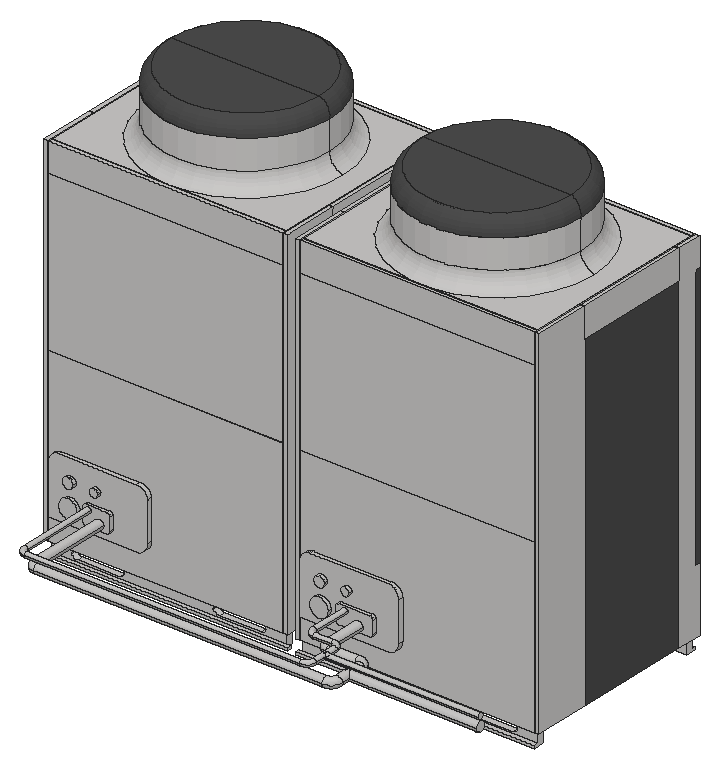
Revit family
Parameters (values of type "PURY-P144TSHMU-A")
  Outdoor Unit-1 Width = 36 1/4"
  Unit Weight (LBS) = "2x519"
  Refrigerant Pipe Diameter (Liquid) = "7/8\""
  Refrigerant Pipe Diameter (Gas) = "1-1/8\""
  Protection Devices Inverter = "Overheat / Overcurrent Protection"
  Protection Devices High Pressure Protection = "4.15 MPa / 601 psi"
  Protection Devices Fan = "Overheat Protection / Thermal Switch"
  Protection Devices Compressor = "Overheat Protection / Thermal Switch"
  Pressure Drop FT (Water Source Only) = ""
  URL = ""
  Type Comments = "2xPURY-P72THMU-A"
  Subcategory = "HVAC"  # constant formula
  Specification URL = "http://www.mrslim.com/customerCare/resources.asp"
  Sound Pressure Levels (dB(A)) = "61"
  SmartBIM Object Version = 3  # constant formula
  SmartBIM Object Created By = "Reed Construction Data"  # constant formula
  Refrigerant Type = "R410A"  # constant formula
  Refrigerant Charge = "2x23lbs 2oz"
  Refrigerant Service Valve (Liquid) Radius = 7/8"
  Refrigerant Service Valve (Gas) Radius = 12 1/8"
  Outdoor Unit-2 Width = 36 1/4"
  Outdoor Unit-1 = HVAC_Outdoor_Units_72-120_PURY_Mitsubishi : PURY-P72THMU-A
  Nominal GPM (Water Source Only) = ""
  Manufacturer URL = "http://www.mrslim.com/customerCare/resources.asp"
  Lubriacant = "MEL32"
  Installation URL = "http://www.mrslim.com/customerCare/resources.asp"
  Indoor Unit Total Capacity = "50% to 150% of Outdoor Unit Capacity"
  Indoor Unit Model/Quantity = "P06 ~ P96 / 1 to 36"
  Heating Range = "80,000 Btu/h"
  Heating Power Input = "12.44 kW"
  Heating Outdoor = "-4° ~ +60°F (-20° ~ +16°C) WB"
  Heating Current = "38.3 / 34.6 A"
  Heating Capacity (BTU) = "160000"
  Outdoor Unit-2 = HVAC_Outdoor_Units_72-120_PURY_Mitsubishi : PURY-P72THMU-A
  Fan Type x Quantity = "Propeller Fan x 1"
  Fan Motor Output = "0.92KW"
  Fan Air Flow Rate = "6,550 CFM"
  External Material = Pre-coated Galvanized-steel Sheets
  Description = "T/YHMU Outdoor Units"
  Cooling Range = "72,000 Btu/h"
  Cooling Power Input = "11.32 kW"
  Cooling Outdoor = "23°F ~ 109°F (-5 ~ +43°C) DB"
  Cooling Current = "34.9 / 31.5 A"
  Cooling Capacity (BTU) = "144000"
  Power Source = "208/230, 3, 60"
  Model = "PURY-P144TSHMU-A"
  Manufacturer = "Mitsubishi Electric"  # constant formula
  Left Air Inlet Width = 17 163/256"
  Left Air Inlet Height = 49 47/256"
  Height = 64 31/32"
  MCA = "2x23/21"
  MOCP = "2x30/30"
  External Finish = Pre-coated Galvanized-steel Sheets
  Depth = 29 15/16"
  Default Elevation = 48"
  Compressor Type = "Inverter scroll hermetic"
  Compressor Operating Range = "10% to 100%"
  Compressor Motor Output = "4.4 kW"
  Compressor Crankcase Heater = "0.051 kW"
  Assembly Code = "D3050200"
  Air Outlet Unit Material = Metal Grille
  Air Inlet Unit Material = Grille
  Air Inlet Radius = 10 53/64"
  Air Inlet Height = 23 159/256"
  Back Air Inlet Height = 39 95/256"
  95 CSI = "15670"
  04 CSI = "23 81 26"
Types (10): name | Outdoor Unit-1 Width | Unit Weight (LBS) | Type Comments | Sound Pressure Levels (dB(A)) | Refrigerant Charge | Outdoor Unit-2 Width | Outdoor Unit-1 | Heating Power Input | Heating Current | Heating Capacity (BTU) | Outdoor Unit-2 | Cooling Power Input | Cooling Current | Cooling Capacity (BTU) | Power Source | Model | MCA | MOCP | Compressor Motor Output | Compressor Crankcase Heater
  PURY-P144TSHMU-A | 36 1/4" | "2x519" | "2xPURY-P72THMU-A" | "61" | "2x23lbs 2oz" | 36 1/4" | HVAC_Outdoor_Units_72-120_PURY_Mitsubishi : PURY-P72THMU-A | "12.44 kW" | "38.3 / 34.6 A" | "160000" | HVAC_Outdoor_Units_72-120_PURY_Mitsubishi : PURY-P72THMU-A | "11.32 kW" | "34.9 / 31.5 A" | "144000" | "208/230, 3, 60" | "PURY-P144TSHMU-A" | "2x23/21" | "2x30/30" | "4.4 kW" | "0.051 kW"
  PURY-P144YSHMU-A | 36 1/4" | "2x552" | "2xPURY-P72YHMU-A" | "61" | "2x23lbs 2oz" | 36 1/4" | HVAC_Outdoor_Units_72-120_PURY_Mitsubishi : PURY-P72YHMU-A | "12.44 kW" | "17.3 A" | "160000" | HVAC_Outdoor_Units_72-120_PURY_Mitsubishi : PURY-P72YHMU-A | "11.32 kW" | "15.7 A" | "144000" | "460, 3, 60" | "PURY-P144YSHMU-A" | "2x11" | "2x15" | "4.4 kW" | "0.051 kW"
  PURY-P168TSHMU-A | 48 1/16" | "1x519,1x585" | "1xPURY-P72THMU-A,1xPURY-P96THMU-A" | "61" | "2x23lbs 2oz" | 36 1/4" | HVAC_Outdoor_Units_72-120_PURY_Mitsubishi : PURY-P72THMU-A | "12.44 kW" | "38.3 / 34.6 A" | "188000" | HVAC_Outdoor_Units_72-120_PURY_Mitsubishi : PURY-P96THMU-A | "11.32 kW" | "34.9 / 31.5 A" | "168000" | "208/230, 3, 60" | "PURY-P168TSHMU-A" | "1x23/21,1x35/32" | "1x30/30,1x40/40" | "7.0 kW" | "0.057 kW"
  PURY-P168YSHMU-A | 48 1/16" | "1x552,1x618" | "1xPURY-P72YHMU-A,1xPURY-P96YHMU-A" | "61" | "1x23lbs 2oz,1x26lbs 1oz" | 36 1/4" | HVAC_Outdoor_Units_72-120_PURY_Mitsubishi : PURY-P72YHMU-A | "14.19 kW" | "21.1 A" | "188000" | HVAC_Outdoor_Units_72-120_PURY_Mitsubishi : PURY-P96YHMU-A | "15.14 kW" | "19.7 A " | "168000" | "460, 3, 60" | "PURY-P168YSHMU-A" | "1x11 1x16" | "1x15 1x20" | "7.0 kW" | "0.057 kW"
  PURY-P192TSHMU-A | 48 1/16" | "1x519,1x585" | "2xPURY-P96THMU-A" | "62" | "2x26lbs 1oz" | 48 1/16" | HVAC_Outdoor_Units_72-120_PURY_Mitsubishi : PURY-P96THMU-A | "15.85 kW" | "48.8 / 44.2 A" | "200000" | HVAC_Outdoor_Units_72-120_PURY_Mitsubishi : PURY-P96THMU-A | "17.04 kW" | "52.5 / 47.5 A" | "192000" | "208/230, 3, 60" | "PURY-P192TSHMU-A" | "2x35/32" | "2x40/40" | "7.0 kW" | "0.057 kW"
  PURY-P192YSHMU-A | 48 1/16" | "2x618" | "2xPURY-P96YHMU-A" | "62" | "2x26lbs 1oz" | 48 1/16" | HVAC_Outdoor_Units_72-120_PURY_Mitsubishi : PURY-P96YHMU-A | "15.85 kW" | "22.1 A" | "200000" | HVAC_Outdoor_Units_72-120_PURY_Mitsubishi : PURY-P96YHMU-A | "17.04 kW" | "23.7 A" | "192000" | "460, 3, 60" | "PURY-P192YSHMU-A" | "2x16" | "2x20" | "7.0 kW" | "0.057 kW"
  PURY-P216TSHMU-A | 48 1/16" | "2x585" | "1xPURY-P96THMU-A,1xPURY-P120THMU-A" | "62" | "2x26lbs 1oz" | 48 1/16" | HVAC_Outdoor_Units_72-120_PURY_Mitsubishi : PURY-P96THMU-A | "19.32 kW" | "59.7 / 54.0 A" | "228000" | HVAC_Outdoor_Units_72-120_PURY_Mitsubishi : PURY-P120THMU-A | "19.38 kW" | "59.5 / 53.8 A" | "216000" | "208/230, 3, 60" | "PURY-P216TSHMU-A" | "1x35/32,1x43/40" | "1x40/40,1x50/50" | "8.1 kW" | "0.057 kW"
  PURY-P216YSHMU-A | 48 1/16" | "2x618" | "1xPURY-P96YHMU-A,1xPURY-P120YHMU-A" | "62" | "2x26lbs 1oz" | 48 1/16" | HVAC_Outdoor_Units_72-120_PURY_Mitsubishi : PURY-P96YHMU-A | "19.38 kW" | "27.0 A" | "228000" | HVAC_Outdoor_Units_72-120_PURY_Mitsubishi : PURY-P120YHMU-A | "19.32 kW" | "26.9 A" | "216000" | "460, 3, 60" | "PURY-P216YSHMU-A" | "1x16,1x20" | "1x20,1x25" | "8.1 kW" | "0.057 kW"
  PURY-P240TSHMU-A | 48 1/16" | "2x585" | "2xPURY-P120THMU-A" | "63" | "2x26lbs 1oz" | 48 1/16" | HVAC_Outdoor_Units_72-120_PURY_Mitsubishi : PURY-P120THMU-A | "20.92 kW" | "64.5 / 58.3 A" | "240000" | HVAC_Outdoor_Units_72-120_PURY_Mitsubishi : PURY-P120THMU-A | "21.61 kW" | "66.6 / 60.2 A" | "240000" | "208/230, 3, 60" | "PURY-P240TSHMU-A" | "2x43/40" | "2x50/50" | "8.1 kW" | "0.057 kW"
  PURY-P240YSHMU-A | 48 1/16" | "2x618" | "2xPURY-P120YHMU-A" | "63" | "2x26lbs 1oz" | 48 1/16" | HVAC_Outdoor_Units_72-120_PURY_Mitsubishi : PURY-P120YHMU-A | "20.92 kW" | "30.1 A" | "240000" | HVAC_Outdoor_Units_72-120_PURY_Mitsubishi : PURY-P120YHMU-A | "21.61 kW" | "29.1 A" | "240000" | "460, 3, 60" | "PURY-P240YSHMU-A" | "2x20" | "2x25" | "8.1 kW" | "0.057 kW"
Reference planes (in)
  plane 1 "Center (Front/Back)": y = -0.62992
  plane 2: z = 0
  plane 3 "Top": z = 64.96875
  plane 4: y = 14.33883
  plane 5: y = -15.59867
  plane 6: z = 69.88235
  plane 7: z = 54.53568
  plane 8: z = 3.07087
  plane 9: z = 23.33858
  plane 10: z = 51.17323
  plane 11: x = -14.8371
  plane 12: x = 21.4129
  plane 13: x = 22.594
  plane 14: x = 58.844
Forms (in)
  Extrusion 1, solid, material "Pre-coated Galvanized-steel Sheets"
    sketch origin (-18.12603, -15.84166, 12.76772) x (0, 0, -1) y (1, 0, 0)
      loop
        circle (1.11304, 45.15734) r 0.7874
      loop
        circle (1.11304, 49.01561) r 0.59055
      loop
        circle (4.57761, 45.15734) r 1.37402
      loop
        line (3.47052, 47.70298) -> (5.32091, 47.70298)
        arc (5.32091, 47.70298) -> (5.6689, 47.84712) -> (5.81304, 48.1951) r 0.49213
        line (5.81304, 48.1951) -> (5.81304, 52.72266)
        arc (5.81304, 52.72266) -> (5.6689, 53.07065) -> (5.32091, 53.21479) r 0.49213
        line (5.32091, 53.21479) -> (3.47052, 53.21479)
        arc (3.47052, 53.21479) -> (3.12253, 53.07065) -> (2.97839, 52.72266) r 0.49213
        line (2.97839, 52.72266) -> (2.97839, 48.1951)
        arc (2.97839, 48.1951) -> (3.12253, 47.84712) -> (3.47052, 47.70298) r 0.49213
    from -0.24298 to 0.24102
  Sweep 2, solid, material "Pre-coated Galvanized-steel Sheets" <- "External Finish"
    path origin (48.13534, 0.07382, 7.75511) x (-1, 0, 0) y (0, -1, 0)
      loop
        line (53.91732, 16.1565) -> (53.91732, 27.8059)
        arc (53.91732, 27.8059) -> (53.62904, 28.50187) -> (52.93307, 28.79015) r 0.98425
        line (52.93307, 28.79015) -> (9.98804, 28.79015)
        arc (9.98804, 28.79015) -> (9.29207, 28.50187) -> (9.00379, 27.8059) r 0.98425
        line (9.00379, 27.8059) -> (9.00379, 23.66331)
        arc (9.00379, 23.66331) -> (9.29207, 22.96734) -> (9.98804, 22.67906) r 0.98425
        line (9.98804, 22.67906) -> (14.31875, 22.67906)
        arc (14.31875, 22.67906) -> (15.01472, 22.39078) -> (15.303, 21.69481) r 0.98425
        line (15.303, 21.69481) -> (15.303, 16.1565)
    profile origin (-5.78198, -21.90738, 7.75511) x (1, 0, 0) y (0, 0, 1)
      loop
        circle (0, 0) r 0.68898
  Sweep 3, solid, material "Pre-coated Galvanized-steel Sheets" <- "External Finish"
    path origin (45.45784, -0.02546, 8.41948) x (-1, 0, 0) y (0, -1, 0)
      loop
        line (52.81462, 16.05721) -> (52.81462, 27.8059)
        arc (52.81462, 27.8059) -> (52.52634, 28.50187) -> (51.83037, 28.79015) r 0.98425
        line (51.83037, 28.79015) -> (10.8281, 28.79015)
        arc (10.8281, 28.79015) -> (10.13213, 28.50187) -> (9.84385, 27.8059) r 0.98425
        line (9.84385, 27.8059) -> (9.84385, 23.86077)
        arc (9.84385, 23.86077) -> (10.13213, 23.1648) -> (10.8281, 22.87652) r 0.98425
        line (10.8281, 22.87652) -> (13.58401, 22.87652)
        arc (13.58401, 22.87652) -> (14.27998, 22.58824) -> (14.56826, 21.89226) r 0.98425
        line (14.56826, 21.89226) -> (14.56826, 16.05721)
    profile origin (-7.35679, -21.95702, 8.41948) x (1, 0, 0) y (0, 0, 1)
      loop
        circle (0, 0.69511) r 0.37402
  Sweep 4, solid, material "Pre-coated Galvanized-steel Sheets" <- "External Finish"
    path origin (0, 0, 0) x (1, 0, 0) y (0, 1, 0)
      loop
        line (38.93258, -25.8076) -> (58.844, -25.8076)
    profile origin (48.88829, -25.8076, 0) x (0, 1, 0) y (0, 0, 1)
      loop
        circle (0, 7.75511) r 0.68898
  Sweep 5, solid, material "Pre-coated Galvanized-steel Sheets" <- "External Finish"
    path origin (-2.46057, 0, 0) x (1, 0, 0) y (0, 1, 0)
      loop
        line (38.10911, -25.8076) -> (61.30457, -25.8076)
    profile origin (47.24627, -25.8076, 0) x (0, 1, 0) y (0, 0, 1)
      loop
        circle (0, 9.11613) r 0.37205
  Extrusion 6, solid, material "Pre-coated Galvanized-steel Sheets" <- "External Finish"
    sketch origin (41.33993, -15.60233, 2.6471) x (1, 0, 0) y (0, 0, 1)
      loop
        arc (-15.99003, 11.9685) -> (-17.10358, 11.50725) -> (-17.56483, 10.3937) r 1.5748
        line (-17.56483, 10.3937) -> (-17.56483, 2.97495) -> (-4.37585, 2.97495)
        arc (-4.37585, 2.97495) -> (-3.2623, 3.4362) -> (-2.80105, 4.54975) r 1.5748
        line (-2.80105, 4.54975) -> (-2.80105, 10.3937)
        arc (-2.80105, 10.3937) -> (-3.2623, 11.50725) -> (-4.37585, 11.9685) r 1.5748
        line (-4.37585, 11.9685) -> (-15.99003, 11.9685)
    from -0.6417 to -0.00366
  Extrusion 7, solid, material "Pre-coated Galvanized-steel Sheets"
    sketch origin (-1.1816, -15.77839, 2.6471) x (1, 0, 0) y (0, 0, 1)
      loop
        circle (-9.21819, 5.54301) r 1.37402
      loop
        circle (-9.21819, 9.00758) r 0.7874
      loop
        circle (-5.35993, 9.00758) r 0.59055
    from -0.17972 to 0.30429
  Extrusion 8, solid, material "Pre-coated Galvanized-steel Sheets" <- "External Finish"
    sketch origin (-2.00002, -15.60233, 2.78192) x (1, 0, 0) y (0, 0, 1)
      loop
        arc (-10.08117, 11.9685) -> (-11.19473, 11.50725) -> (-11.65598, 10.3937) r 1.5748
        line (-11.65598, 10.3937) -> (-11.65598, 2.97495) -> (1.533, 2.97495)
        arc (1.533, 2.97495) -> (2.64655, 3.4362) -> (3.1078, 4.54975) r 1.5748
        line (3.1078, 4.54975) -> (3.1078, 10.3937)
        arc (3.1078, 10.3937) -> (2.64655, 11.50725) -> (1.533, 11.9685) r 1.5748
        line (1.533, 11.9685) -> (-10.08117, 11.9685)
    from -0.6417 to -0.00366
  Extrusion 9, solid, material "Pre-coated Galvanized-steel Sheets"
    sketch origin (-2.00002, -15.59867, 2.78192) x (1, 0, 0) y (0, 0, 1)
      loop
        line (-6.14417, 6.51528) -> (-6.14417, 4.66488)
        arc (-6.14417, 4.66488) -> (-6.00003, 4.3169) -> (-5.65204, 4.17276) r 0.49213
        line (-5.65204, 4.17276) -> (-2.58327, 4.17276)
        arc (-2.58327, 4.17276) -> (-2.26164, 4.30598) -> (-2.12842, 4.62761) r 0.45485
        line (-2.12842, 4.62761) -> (-2.12842, 6.55255)
        arc (-2.12842, 6.55255) -> (-2.26164, 6.87418) -> (-2.58327, 7.0074) r 0.45485
        line (-2.58327, 7.0074) -> (-5.65204, 7.0074)
        arc (-5.65204, 7.0074) -> (-6.00003, 6.86326) -> (-6.14417, 6.51528) r 0.49213
    from 0 to 0.48401
  Extrusion 10, solid, material "Grille" <- "Air Inlet Unit Material"
    sketch origin (-14.20718, 14.32259, 55.51181) x (0, 0, -1) y (0, -1, 0)
      loop
        line (4.33858, 3.14149) -> (53.52065, 3.14149) -> (53.52065, 20.77928) -> (4.33858, 20.77928) -> (4.33858, 3.14149)
    from 0 to 0.62992
  Extrusion 11, solid, material "Grille" <- "Air Inlet Unit Material"
    sketch origin (58.21408, 11.1811, 55.37699) x (0, 0, -1) y (0, -1, 0)
      loop
        line (4.33858, 17.64592) -> (4.33858, 0) -> (53.38583, 0) -> (53.38583, 17.64592) -> (4.33858, 17.64592)
    from 0 to -0.62992
  Extrusion 12, solid, material "Grille" <- "Air Inlet Unit Material"
    sketch origin (23.22392, 14.33071, 55.37699) x (1, 0, 0) y (0, 0, -1)
      loop
        line (-0.62992, 4.33895) -> (35.62008, 4.33895) -> (35.62008, 43.71005) -> (-0.62992, 43.71005) -> (-0.62992, 4.33895)
    from 0 to 0.62992
  Extrusion 13, solid, material "Grille" <- "Air Inlet Unit Material"
    sketch origin (20.78298, 14.32259, 55.51181) x (0, 0, -1) y (-1, 0, 0)
      loop
        line (4.33895, -0.62992) -> (43.71005, -0.62992) -> (43.71005, 35.62008) -> (4.33895, 35.62008) -> (4.33895, -0.62992)
    from 0 to 0.62992
Cuts and joins
  joined: Sweep 2, Sweep 4
Dimensions and locks (in)
  "Height": plane 3 "Top" to level
  equal spacing: plane 5, plane 1 "Center (Front/Back)", plane 4
  "Depth": plane 5 to plane 4
  plane 3 "Top" to plane 7 = 10.43307"
  plane 8 to level = 3.07087"
  plane 9 to plane 8 = 20.26772"
  plane 7 to level = 54.53568"
  locked: Sweep 4 sketch curve to plane 5 at 10.20893
  locked: Sweep 4 sketch curve to level at 7.75511
  Sweep 3 sketch curve to Sweep 3 sketch curve = 4.72441"
  locked: Sweep 3 sketch curve to plane 5 at 13.21694
  locked: Sweep 2 sketch curve to Sweep 2 sketch curve at 6.29921
  locked: Extrusion 6 sketch curve to Extrusion 6 sketch curve at 14.76378
  locked: Extrusion 6 sketch curve to Extrusion 6 sketch curve at 8.99356
  Extrusion 1 sketch curve to Extrusion 1 sketch curve to Extrusion 1 sketch curve = 3.85827" locked, 0" locked
  locked: Extrusion 1 sketch curve to Extrusion 1 sketch curve at 5.51181
  locked: Extrusion 1 sketch curve to Extrusion 1 sketch curve at 2.83465
  locked: Extrusion 8 sketch curve to Extrusion 8 sketch curve at 14.76378
  locked: Extrusion 8 sketch curve to Extrusion 8 sketch curve at 8.99356
  locked: Extrusion 9 sketch curve to Extrusion 9 sketch curve at 4.01575
  locked: Extrusion 9 sketch curve to Extrusion 9 sketch curve at 2.83465
  locked: Extrusion 6 sketch curve to nested 2 at 1.1811
  locked: Extrusion 1 sketch curve to nested 2 at 4.43731
  locked: nested 2 to Sweep 2 sketch curve at 10.23834
  locked: nested 2 to Sweep 3 sketch curve at 8.29558
  locked: nested 2 to Sweep 5 sketch curve at 13.05454
  locked: nested 1 to Extrusion 8 sketch curve at 1.1811
  nested 1 to Extrusion 7 sketch curve to Extrusion 7 sketch curve = 4.43731" locked, 0" locked
  locked: nested 1 to Extrusion 7 sketch curve at 8.29558
  locked: nested 1 to Extrusion 9 sketch curve at 6.69291
  locked: nested 1 to Sweep 2 sketch curve at 9.05512
  locked: nested 1 to Sweep 3 sketch curve at 7.48031
  locked: nested 2 to Sweep 4 sketch curve at 16.33858
  locked: plane 12 to plane 13 at 1.1811
  locked: nested 1 to plane 5 at 0.62992
  "Outdoor Unit-1 Width": plane 11 to plane 12
  "Outdoor Unit-2 Width": plane 13 to plane 14
  radius of Sweep 4 sketch curve = 0.68898"
  radius of Sweep 5 sketch curve = 0.37205"
  radius of Extrusion 7 sketch curve = 0.59055"
  radius of Extrusion 7 sketch curve = 0.7874"
  radius of Extrusion 7 sketch curve = 1.37402"
  aligned and locked: Extrusion 1 to Extrusion 6
  aligned and locked: Extrusion 1 to Sweep 2 sketch curve
  aligned and locked: nested 2 to Sweep 4 sketch curve
  aligned and locked: nested 2 to Sweep 5 sketch curve
  aligned and locked: plane 5 to Extrusion 8
  aligned and locked: Extrusion 7 to plane 5
  aligned and locked: Extrusion 7 to Extrusion 9
  aligned and locked: Extrusion 9 to Sweep 2 sketch curve
  aligned and locked: Extrusion 9 to Sweep 3 sketch curve
  aligned and locked: plane 5 to Extrusion 6
  aligned and locked: Extrusion 9 to Extrusion 1
  aligned and locked: Extrusion 1 to Sweep 3 sketch curve
  aligned and locked: nested 2 to Extrusion 10 sketch curve  (x2)
  aligned and locked: Extrusion 10 sketch curve to nested 2
  aligned and locked: nested 1 to Extrusion 11 sketch curve
  aligned and locked: Extrusion 10 to Extrusion 11 sketch curve
  aligned and locked: nested 2 to Extrusion 11 sketch curve
  aligned and locked: Extrusion 11 to nested 2  (x2)
  aligned and locked: nested 1 to Extrusion 10  (x2)
  aligned and locked: Extrusion 12 sketch curve to nested 2  (x2)
  aligned and locked: nested 2 to Extrusion 12 sketch curve  (x2)
  aligned and locked: Extrusion 13 sketch curve to nested 1  (x2)
  aligned and locked: nested 1 to Extrusion 13 sketch curve  (x2)
  aligned and locked: Extrusion 13 to nested 1
  aligned and locked: Extrusion 12 to nested 2
  aligned and locked: Extrusion 10 sketch curve to plane 10
  aligned and locked: Extrusion 11 sketch curve to nested 2
  aligned and locked: plane 12 to nested 1
  aligned and locked: nested 2 to plane 13
Automatic sketch dimensions
  plane 8 to Extrusion 1 sketch curve = 8.58381"
  Extrusion 1 sketch curve to Extrusion 1 sketch curve = 0"
  Extrusion 1 sketch curve to Extrusion 1 sketch curve = 1.86536"
  Extrusion 1 sketch curve to Extrusion 1 sketch curve = 0.49213"  (x4)
  Extrusion 1 sketch curve to Extrusion 1 sketch curve = 1.10709"
  Extrusion 1 sketch curve to Extrusion 1 sketch curve = 0.58661"
  Extrusion 1 sketch curve to Extrusion 1 sketch curve = 1.37402"
  Extrusion 1 sketch curve to Extrusion 1 sketch curve = 1.17162"
  Extrusion 1 sketch curve to Extrusion 1 sketch curve = 0.59055"
  Sweep 2 sketch curve to profile plane = 0"  (x2)
  Sweep 3 sketch curve to profile plane = 0"
  profile plane to Sweep 3 sketch curve = 0.69511"
  Sweep 4 sketch curve to profile plane = 0"
  Sweep 5 sketch curve to profile plane = 0"
  level to Sweep 5 sketch curve = 9.11613"
  Extrusion 6 sketch curve to Extrusion 6 sketch curve = 1.5748"  (x3)
  plane 8 to Extrusion 6 sketch curve = 2.55118"
  plane 8 to Extrusion 7 sketch curve = 5.11925"
  Extrusion 7 sketch curve to Extrusion 7 sketch curve = 3.46457"
  Extrusion 7 sketch curve to Extrusion 7 sketch curve = 0"
  Extrusion 8 sketch curve to Extrusion 8 sketch curve = 1.5748"  (x3)
  plane 8 to Extrusion 8 sketch curve = 2.686"
  Extrusion 9 sketch curve to Extrusion 9 sketch curve = 0.49213"  (x2)
  Extrusion 9 sketch curve to Extrusion 9 sketch curve = 0.45485"  (x2)
  Extrusion 9 sketch curve to Extrusion 8 = 1.19781"
  Sweep 2 sketch curve to Sweep 2 sketch curve = 0.98425"  (x4)
  plane 5 to Sweep 2 sketch curve = 13.11766"
  Sweep 2 sketch curve to Sweep 2 sketch curve = 5.53831"
  Sweep 3 sketch curve to Sweep 3 sketch curve = 0.98425"  (x4)
  Sweep 3 sketch curve to Sweep 3 sketch curve = 5.83505"
  plane 5 to Sweep 5 sketch curve = 10.20893"
  radius of Sweep 2 sketch curve = 0.68898"
  radius of Sweep 3 sketch curve = 0.37402"
Nested families (in)
  nested 1: "HVAC_Outdoor_Units_72-120_PURY_Mitsubishi" at (3.2879, -0.00812, 0), type <- "Outdoor Unit-1", type "PURY-P72THMU-A"
  nested 2: "HVAC_Outdoor_Units_72-120_PURY_Mitsubishi" at (40.719, 0, -0.13482) x (-1, 0, 0) z (0, 0, 1), type <- "Outdoor Unit-2", type "PURY-P72THMU-A"
Connectors (in)
  piping at (58.844, -25.8076, 7.75511)
    settings: on Sweep 4, index 22
  piping at (58.844, -25.8076, 9.11613)
    settings: on Sweep 5, index 26
  electrical at (-10.39979, -16.08268, 8.19011)
    settings: on Extrusion 7, index 33
  electrical at (27.03131, -16.08268, 8.19011)
    settings: on Extrusion 1, index 34
Definition of nested family "HVAC_Outdoor_Units_72-120_PURY_Mitsubishi"
  Parameters (values of type "PURY-P72YHMU-A")
    Width = 36 7/32"
    URL = ""
    Subcategory = "HVAC"
    Specification URL = "http://www.mrslim.com/customerCare/resources.asp"
    Sound Pressure Levels (dB(A)) = "58"
    SmartBIM Object Version = 3  # constant formula
    SmartBIM Object Created By = "Reed Construction Data"  # constant formula
    Refrigerant Charge = "23lbs 2oz"
    Refig Service Valve (Liquid) Radius = 5/8"
    Refig Service Valve (Gas) Radius = 193/256"
    Manufacturer URL = "http://www.mrslim.com/customerCare/resources.asp"
    Installation URL = "http://www.mrslim.com/customerCare/resources.asp"
    Description = "T/YHMU Outdoor Units"
    Connecting Pipe Low pressure = "ø22.2 Brazed(7/8)"
    Refrigerant Type = "R410A"
    Refrigerant Service Valve (Liquid) Radius = 5/8"
    Refrigerant Service Valve (Gas) Radius = 193/256"
    Protection Devices Inverter = "Overheat / Overcurrent Protection"
    High pressure Protection Device = "601 psi / 4.15 MPa"
    Protection Devices Fan = "Overheat Protection / Thermal Switch"
    Protection Devices Compressor = "Overheat Protection / Thermal Switch"
    Power Supply Unit = 151/256"
    Power Source = "460, 3, 60"
    Heating Power Input = "6.04 KW"
    Cooling Power Input = "5.55 KW"
    Refrigerant Pipe diameter (Gas) = "3/4\""
    Refrigerant Pipe diameter (Liquid) = "5/8\""
    Heating Capacity (BTU) = "80000"
    Cooling Capacity (BTU) = "72000"
    Unit Weight (LBS) = "552"
    Model = "PURY-P72YHMU-A"
    Manufacturer = "Mitsubishi Electric"
    Lubriacant = "MEL32"
    Left Air Inlet Width = 19 175/256"
    Left Air Inlet Height = 39 95/256"
    Indoor Unit Total Capacity = "50 to 150% of Outdoor Unit Capacity"
    Indoor Unit Model/Quantity = "P06 to P96 / 1 to 30"
    Height = 64.96063"  # constant formula
    MCA = "11"
    MOCP = "15"
    External Material = Pre-coated Galvanized-steel Sheets
    Direct Drive Inverter Motor Output = "0.92 kW"
    Depth = 29.92126"  # constant formula
    Fan Type x Quantity = "Propeller Fan x 1"
    Default Elevation = 48"
    Heating Current = "8.4 A"
    Cooling Current = "7.7 A"
    Connecting Pipe High pressure = "ø19.05 Brazed(3/4)"
    Compressor Type x Quantity = "Inverter-driven Scroll Hermetic x 1"
    Compressor Operating Range = "19% to 100%"
    Compressor Motor Output = "4.4 kW"
    Compressor Crankcase Heater = "0.051 kW"
    Back Air Inlet Width = 34 245/256"
    Assembly Code = "D3050200"
    Airflow Rate = "6,550 CFM"
    Air Outlet Radius = 15 25/128"
    Air Outlet Unit Material = Metal Grille
    Air Inlet Unit Material = Grille
    Air Inlet Radius = 10 53/64"
    Air Inlet Height = 23 159/256"
    Back Air Inlet Height = 39 95/256"
    95 CSI = "15670"  # constant formula
    04 CSI = "23 81 26"  # constant formula
  Types (6): name | Width | Sound Pressure Levels (dB(A)) | Refrigerant Charge | Refig Service Valve (Liquid) Radius | Refig Service Valve (Gas) Radius | Refrigerant Service Valve (Liquid) Radius | Refrigerant Service Valve (Gas) Radius | Power Source | Heating Power Input | Cooling Power Input | Refrigerant Pipe diameter (Gas) | Refrigerant Pipe diameter (Liquid) | Heating Capacity (BTU) | Cooling Capacity (BTU) | Unit Weight (LBS) | Model | Left Air Inlet Height | MCA | MOCP | Heating Current | Cooling Current | Compressor Operating Range | Compressor Motor Output | Compressor Crankcase Heater | Airflow Rate
    PURY-P72THMU-A | 36 7/32" | "58" | "23lbs 2oz" | 5/8" | 193/256" | 5/8" | 193/256" | "208/230, 3, 60" | "6.04 KW" | "5.55 KW" | "3/4\"" | "5/8\"" | "80000" | "72000" | "519" | "PURY-P72THMU-A" | 8 51/128" | "24/22" | "30/30" | "18.6 / 16.8 A" | "17.1 / 15.4 A " | "19% to 100%" | "4.4 kW" | "0.051 kW" | "6,550 CFM"
    PURY-P96THMU-A | 48 1/32" | "60" | "26lbs 1oz" | 193/256" | 7/8" | 193/256" | 7/8" | "208/230, 3, 60" | "10.16 KW" | "10.59 KW" | "7/8\"" | "3/4\"" | "108000" | "96000" | "585" | "PURY-P96THMU-A" | 39 95/256" | "43 /40" | "50 /50" | "31.3 / 28.3 A" | "32.6 / 29.5 A " | "17% to 100%" | "8.1 kW" | "0.057 kW" | "7,950 CFM"
    PURY-P120THMU-A | 48 1/32" | "60" | "26lbs 1oz" | 193/256" | 151/256" | 193/256" | 151/256" | "208/230, 3, 60" | "10.16 KW" | "10.59 KW" | "7/8\"" | "3/4\"" | "120000" | "120000" | "585" | "PURY-P120THMU-A" | 39 95/256" | "43/40" | "50/50" | "31.3 / 28.3 A" | "32.6 / 29.5 A " | "17% to 100%" | "8.1 kW" | "0.057 kW" | "7,950 CFM"
    PURY-P72YHMU-A | 36 7/32" | "58" | "23lbs 2oz" | 5/8" | 193/256" | 5/8" | 193/256" | "460, 3, 60" | "6.04 KW" | "5.55 KW" | "3/4\"" | "5/8\"" | "80000" | "72000" | "552" | "PURY-P72YHMU-A" | 39 95/256" | "11" | "15" | "8.4 A" | "7.7 A" | "19% to 100%" | "4.4 kW" | "0.051 kW" | "6,550 CFM"
    PURY-P96YHMU-A | 48 1/32" | "60" | "26lbs 1oz" | 193/256" | 7/8" | 193/256" | 7/8" | "460, 3, 60" | "10.16 KW" | "10.59 KW" | "7/8\"" | "3/4\"" | "108000" | "96000" | "618" | "PURY-P96YHMU-A" | 39 95/256" | "20" | "25" | "14.1A" | "14.7A " | "17% to 100%" | "8.1 kW" | "0.057 kW" | "7,950 CFM"
    PURY-P120YHMU-A | 48 1/32" | "60" | "26lbs 1oz" | 193/256" | 151/256" | 193/256" | 151/256" | "460, 3, 60" | "10.16 KW" | "10.59 KW" | "7/8\"" | "3/4\"" | "120000" | "120000" | "618" | "PURY-P120YHMU-A" | 39 95/256" | "20" | "25" | "31.3 / 28.3 A" | "32.6 / 29.5 A " | "17% to 100%" | "8.1 kW" | "0.057 kW" | "7,950 CFM"
  Reference planes (in)
    plane 1 "Center (Front/Back)": y = 0
    plane 2: z = 0
    plane 3 "Center (Left/Right)": x = 0
    plane 4 "Top": z = 64.96063
    plane 5: y = 14.96063
    plane 6: y = -14.96063
    plane 7: x = -18.10937
    plane 8: x = 18.10938
    plane 9: z = 69.88235
    plane 10: z = 54.52756
    plane 11: z = 3.07087
    plane 12: z = 23.33858
    plane 13: z = 51.17323
  Dimensions and locks (in)
    "Height": plane 4 "Top" to level
    equal spacing: plane 6, plane 1 "Center (Front/Back)", plane 5
    "Depth": plane 6 to plane 5
    equal spacing: plane 7, plane 3 "Center (Left/Right)", plane 8
    "Width": plane 7 to plane 8
    plane 4 "Top" to plane 10 = 10.43307"
    plane 11 to level = 3.07087"
    plane 12 to plane 11 = 20.26772"
    plane 10 to level = 54.52756"
  Nested families (in)
    nested 1: "Out-Door-Unit" at (-0.08165, 1.23225, 0), type "Out-Door-Unit-R2-Series_Mistdubishi_Electric"
  Definition of nested family "Out-Door-Unit"
    Parameters (values of type "Out-Door-Unit-R2-Series_Mistdubishi_Electric")
      Width = 36 7/32"
      Refig Service Valve (Liquid) Radius = 5/8"
      Refig Service Valve (Gas) Radius = 193/256"
      Power Supply Unit = 151/256"
      Left Inlet Heght = 49 3/64"
      External Material = Pre-coated Galvanized-steel Sheets
      Depth = 29.92126"
      Assembly Code = ""
      Air Outlet Unit Radius = 15 25/128"
      Air Outlet Unit Material = Metal Grille
      Air Inlet Radius = 11 3/128"
      Air Inlet Unit Material = Grille
      Air Inlet Height = 23 159/256"
      Air Inlet Bck Unit Height = 39 95/256"
    Reference planes (in)
      plane 1 "Center (Front/Back)": y = -1.23225
      plane 2: z = 0
      plane 3 "Center (Left/Right)": x = 0.08165
      plane 4: x = -18.02773
      plane 5: x = 18.19102
      plane 6: y = 13.09846
      plane 7: y = -15.56296
      plane 8: z = 27.75591
      plane 9: z = 55.51181
      plane 10: z = 2.12598
      plane 11: y = -7.68894
      plane 12: y = -15.16926
      plane 13: y = 9.94885
      plane 14: z = 51.17286
      plane 15: z = 27.55177
      plane 16: y = -16.19288
      plane 17: y = 13.72838
      plane 18: z = 39.36231
      plane 19: y = 12.70476
      plane 20: z = 62.40157
      plane 21: z = 11.80177
      plane 22: x = -17.39781
      plane 23: x = 11.10508
      plane 24: z = 64.96063
      plane 25: y = 12.1142
      plane 26: y = -14.57871
      plane 27: x = 17.5611
    Forms (in)
      Extrusion 1, solid, material "Pre-coated Galvanized-steel Sheets" <- "External Material"
        sketch origin (0, 0, 0) x (1, 0, 0) y (0, 1, 0)
          loop
            line (-17.39781, 13.09846) -> (-17.39781, -15.56296) -> (17.5611, -15.56296) -> (17.5611, 13.09846) -> (-17.39781, 13.09846)
        from 2.12598 to 55.51181
      Revolve 2, solid, material "Pre-coated Galvanized-steel Sheets" <- "External Material"
        sketch origin (0, -1.23225, 0) x (1, 0, 0) y (0, 0, 1)
          loop
            line (0.08165, 55.51181) -> (14.43432, 55.51181)
            arc (14.43432, 55.51181) -> (13.05103, 56.47273) -> (12.51926, 58.07087) r 2.66734
            line (12.51926, 58.07087) -> (12.51926, 62.40157) -> (0.08165, 62.40157) -> (0.08165, 55.51181)
          axis (0.08165, 55.51181) -> (0.08165, 62.40157)
        angle from 0 to 360
      Revolve 3, solid, material "Metal Grille" <- "Air Outlet Unit Material"
        sketch origin (0, -1.23225, 0) x (1, 0, 0) y (0, 0, 1)
          loop
            line (0.08165, 62.40157) -> (12.52193, 62.40157)
            arc (12.52193, 62.40157) -> (12.2109, 63.90112) -> (11.10508, 64.96063) r 2.58167
            line (11.10508, 64.96063) -> (0.08165, 64.96063) -> (0.08165, 62.40157)
          axis (0.08165, 62.40157) -> (0.08165, 64.96063)
        angle from 0 to 360
      Extrusion 4, solid, material "Pre-coated Galvanized-steel Sheets" <- "External Material"
        sketch origin (0, -1.23225, 0) x (1, 0, 0) y (0, 0, 1)
          loop
            line (-17.39781, 0) -> (17.5611, 0) -> (17.5611, 2.12598) -> (-17.39781, 2.12598) -> (-17.39781, 0)
        from 14.33071 to 13.34646
      Extrusion 5, void
        sketch origin (0, -1.23225, 0) x (1, 0, 0) y (0, 0, 1)
          loop
            arc (7.54228, 1.80205) -> (6.99693, 1.63716) -> (6.63431, 1.19773) r 0.98425
            arc (6.63431, 1.19773) -> (6.99693, 0.7583) -> (7.54228, 0.59341) r 0.98425
            line (7.54228, 0.59341) -> (13.72252, 0.59341)
            arc (13.72252, 0.59341) -> (14.26786, 0.7583) -> (14.63048, 1.19773) r 0.98425
            arc (14.63048, 1.19773) -> (14.26786, 1.63716) -> (13.72252, 1.80205) r 0.98425
            line (13.72252, 1.80205) -> (7.54228, 1.80205)
        from 13.34646 to 14.33071
      Extrusion 6, void
        sketch origin (0.16329, -1.23225, 0) x (-1, 0, 0) y (0, 0, -1)
          loop
            line (7.54228, -1.80205) -> (13.72252, -1.80205)
            arc (13.72252, -1.80205) -> (14.26786, -1.63716) -> (14.63048, -1.19773) r 0.98425
            arc (14.63048, -1.19773) -> (14.26786, -0.7583) -> (13.72252, -0.59341) r 0.98425
            line (13.72252, -0.59341) -> (7.54228, -0.59341)
            arc (7.54228, -0.59341) -> (6.99693, -0.7583) -> (6.63431, -1.19773) r 0.98425
            arc (6.63431, -1.19773) -> (6.99693, -1.63716) -> (7.54228, -1.80205) r 0.98425
        from 13.34646 to 14.33071
      Extrusion 7, solid, material "Pre-coated Galvanized-steel Sheets" <- "External Material"
        sketch origin (0, -0.01178, 0) x (1, 0, 0) y (0, 0, -1)
          loop
            line (-17.39781, 0) -> (-17.39781, -2.12598) -> (18.19102, -2.12598) -> (18.19102, 0) -> (-17.39781, 0)
        from 13.11024 to 12.12598
      Extrusion 8, void
        sketch origin (0.16329, -0.01178, 0) x (-1, 0, 0) y (0, 0, 1)
          loop
            arc (7.54228, 1.80205) -> (6.99693, 1.63716) -> (6.63431, 1.19773) r 0.98425
            arc (6.63431, 1.19773) -> (6.99693, 0.7583) -> (7.54228, 0.59341) r 0.98425
            line (7.54228, 0.59341) -> (13.72252, 0.59341)
            arc (13.72252, 0.59341) -> (14.26786, 0.7583) -> (14.63048, 1.19773) r 0.98425
            arc (14.63048, 1.19773) -> (14.26786, 1.63716) -> (13.72252, 1.80205) r 0.98425
            line (13.72252, 1.80205) -> (7.54228, 1.80205)
        from 12.12598 to 13.11024
      Extrusion 9, void
        sketch origin (0, -0.01178, 0) x (1, 0, 0) y (0, 0, -1)
          loop
            line (7.54228, -1.80205) -> (13.72252, -1.80205)
            arc (13.72252, -1.80205) -> (14.26786, -1.63716) -> (14.63048, -1.19773) r 0.98425
            arc (14.63048, -1.19773) -> (14.26786, -0.7583) -> (13.72252, -0.59341) r 0.98425
            line (13.72252, -0.59341) -> (7.54228, -0.59341)
            arc (7.54228, -0.59341) -> (6.99693, -0.7583) -> (6.63431, -1.19773) r 0.98425
            arc (6.63431, -1.19773) -> (6.99693, -1.63716) -> (7.54228, -1.80205) r 0.98425
        from 12.12598 to 13.11024
      Extrusion 10, solid, material "Pre-coated Galvanized-steel Sheets" <- "External Material"
        sketch origin (0, 0, 0) x (1, 0, 0) y (0, 1, 0)
          loop
            line (-17.39781, -16.19288) -> (17.5611, -16.19288) -> (17.5611, -15.56296) -> (-17.39781, -15.56296) -> (-17.39781, -16.19288)
        from 51.17323 to 55.51181
      Extrusion 11, solid, material "Pre-coated Galvanized-steel Sheets" <- "External Material"
        sketch origin (0, 0, 0) x (1, 0, 0) y (0, 1, 0)
          loop
            line (-17.39781, -15.56296) -> (-17.39781, -16.19288) -> (17.5611, -16.19288) -> (17.5611, -15.56296) -> (-17.39781, -15.56296)
        from 27.55118 to 51.17323
      Extrusion 12, solid, material "Pre-coated Galvanized-steel Sheets" <- "External Material"
        sketch origin (0, 0, 0) x (1, 0, 0) y (0, 1, 0)
          loop
            line (-17.39781, -15.56296) -> (-17.39781, -16.19288) -> (17.5611, -16.19288) -> (17.5611, -15.56296) -> (-17.39781, -15.56296)
        from 2.12598 to 27.55118
      Extrusion 13, solid, material "Pre-coated Galvanized-steel Sheets" <- "External Material"
        sketch origin (0, 0, 0) x (1, 0, 0) y (0, 1, 0)
          loop
            line (-17.39781, 13.72838) -> (-17.39781, 13.09846) -> (17.5611, 13.09846) -> (17.5611, 13.72838) -> (-17.39781, 13.72838)
        from 2.12598 to 11.80177
      Extrusion 14, solid, material "Pre-coated Galvanized-steel Sheets" <- "External Material"
        sketch origin (0, 0, 0) x (1, 0, 0) y (0, 1, 0)
          loop
            line (-17.39781, 13.09846) -> (17.5611, 13.09846) -> (17.5611, 13.72838) -> (-17.39781, 13.72838) -> (-17.39781, 13.09846)
        from 51.17286 to 55.51181
      Extrusion 15, solid, material "Pre-coated Galvanized-steel Sheets" <- "External Material"
        sketch origin (0.08165, 0, 0) x (0, 1, 0) y (0, 0, 1)
          loop
            line (13.72838, 0) -> (13.72838, 0.3937) -> (13.09846, 0.3937) -> (13.09846, 0) -> (13.72838, 0)
          loop
            line (-16.19288, 0) -> (-15.56296, 0) -> (-15.56296, 0.3937) -> (-16.19288, 0.3937) -> (-16.19288, 0)
        from -17.47945 to 18.10937
      Extrusion 16, solid, material "Pre-coated Galvanized-steel Sheets" <- "External Material"
        sketch origin (-17.39781, 13.09846, 0) x (0, -1, 0) y (0, 0, 1)
          loop
            line (3.14961, 55.51181) -> (3.14961, 51.17323) -> (20.7874, 51.17323) -> (20.7874, 55.51181) -> (3.14961, 55.51181)
        from 0 to 0.62992
      Extrusion 17, solid, material "Pre-coated Galvanized-steel Sheets" <- "External Material"
        sketch origin (-17.39781, 13.09846, 0) x (0, -1, 0) y (0, 0, 1)
          loop
            line (-0.62992, 55.51181) -> (-0.62992, 51.17286) -> (0, 51.17286) -> (0, 11.80177) -> (-0.62992, 11.80177) -> (-0.62992, 2.12598) -> (3.14961, 2.12598) -> (3.14961, 55.51181) -> (-0.62992, 55.51181)
          loop
            line (20.7874, 55.51181) -> (20.7874, 2.12598) -> (29.29134, 2.12598) -> (29.29134, 55.51181) -> (20.7874, 55.51181)
        from 0 to 0.62992
      Extrusion 18, solid, material "Pre-coated Galvanized-steel Sheets" <- "External Material"
        sketch origin (17.56196, 13.68901, 0) x (0, -1, 0) y (0, 0, -1)
          loop
            line (3.74016, -55.51181) -> (21.37795, -55.51181) -> (21.37795, -51.17286) -> (3.74016, -51.17286) -> (3.74016, -55.51181)
        from -0.00086 to 0.62906
      Extrusion 19, solid, material "Pre-coated Galvanized-steel Sheets" <- "External Material"
        sketch origin (17.56196, 13.68901, 0) x (0, -1, 0) y (0, 0, -1)
          loop
            line (-0.03937, -55.51181) -> (3.74016, -55.51181) -> (3.74016, -2.12598) -> (-0.03937, -2.12598) -> (-0.03937, -11.80177) -> (0.59055, -11.80177) -> (0.59055, -51.17286) -> (-0.03937, -51.17286) -> (-0.03937, -55.51181)
          loop
            line (21.37795, -55.51181) -> (29.88189, -55.51181) -> (29.88189, -2.12598) -> (21.37795, -2.12598) -> (21.37795, -55.51181)
        from -0.00086 to 0.62906
    Cuts and joins
      Extrusion 5, Extrusion 6, Extrusion 8 cuts Extrusion 4
      Extrusion 8, Extrusion 9 cuts Extrusion 7
      joined: Extrusion 4, Extrusion 7, Extrusion 15
      joined: Extrusion 10, Extrusion 14
    Dimensions and locks (in)
      equal spacing: plane 4, plane 3 "Center (Left/Right)", plane 5
      "Width": plane 4 to plane 5
      equal spacing: plane 17, plane 1 "Center (Front/Back)", plane 16
      "Depth": plane 17 to plane 16
      locked: plane 11 to plane 7 at 7.87402
      Extrusion 5 sketch curve to Extrusion 5 sketch curve = 1.20865"
      locked: plane 12 to plane 7 at 0.3937
      Extrusion 6 sketch curve to Extrusion 6 sketch curve = 1.20865"
      Extrusion 8 sketch curve to Extrusion 8 sketch curve = 1.20865"
      Extrusion 9 sketch curve to Extrusion 9 sketch curve = 1.20865"
      locked: plane 6 to plane 13 at 3.14961
      locked: plane 7 to plane 16 at 0.62992
      locked: plane 17 to plane 6 at 0.62992
      equal spacing: plane 14, plane 18, plane 15
      "Air Inlet Height": plane 14 to plane 15
      locked: plane 6 to plane 19 at 0.3937
      equal spacing: plane 9, plane 8, level
      plane 9 to level = 55.51181"
      "Air Inlet Bck Unit Height": plane 21 to plane 14
      "Air Inlet Radius": Revolve 3 sketch curve to plane 3 "Center (Left/Right)"
      "Air Inlet Radius": plane 23 to plane 3 "Center (Left/Right)"
      locked: plane 24 to plane 20 at 2.55906
      plane 24 to plane 9 = 9.44882"
      plane 24 to level = 64.96063"
      locked: Revolve 2 sketch curve to plane 23 at 1.41418
      locked: Revolve 2 sketch curve to plane 23 at 3.32923
      locked: plane 4 to plane 22 at 0.62992
      locked: plane 6 to plane 25 at 0.98425
      locked: Extrusion 15 sketch curve to level at 0.3937  (x2)
      locked: plane 26 to plane 7 at 0.98425
      locked: plane 10 to level at 2.12598
      "Left Inlet Heght": plane 14 to plane 10
      locked: plane 27 to plane 5 at 0.62992
      aligned and locked: Extrusion 1 sketch curve to plane 6
      aligned and locked: Extrusion 1 sketch curve to plane 7
      aligned and locked: plane 9 to Extrusion 1
      aligned and locked: Extrusion 1 to plane 10
      aligned and locked: Extrusion 4 sketch curve to level
      aligned and locked: Extrusion 4 sketch curve to plane 10
      aligned and locked: cut or joined group of Extrusion 4, Extrusion 5, Extrusion 6, Extrusion 7, Extrusion 8, Extrusion 9, Extrusion 15 to plane 2
      aligned and locked: plane 6 to cut or joined group of Extrusion 4, Extrusion 5, Extrusion 6, Extrusion 7, Extrusion 8, Extrusion 9, Extrusion 15
      aligned and locked: plane 10 to cut or joined group of Extrusion 4, Extrusion 5, Extrusion 6, Extrusion 7, Extrusion 8, Extrusion 9, Extrusion 15
      aligned and locked: Extrusion 10 sketch curve to plane 16
      aligned and locked: Extrusion 10 sketch curve to plane 7
      aligned and locked: Extrusion 11 sketch curve to plane 16
      aligned and locked: Extrusion 11 sketch curve to plane 7
      aligned and locked: Extrusion 12 sketch curve to plane 7
      aligned and locked: Extrusion 12 sketch curve to plane 16
      aligned and locked: Extrusion 13 sketch curve to plane 17
      aligned and locked: Extrusion 13 sketch curve to plane 6
      aligned and locked: Extrusion 13 to Extrusion 1
      aligned and locked: Extrusion 14 sketch curve to plane 6
      aligned and locked: Extrusion 14 sketch curve to plane 17
      aligned and locked: Extrusion 14 to plane 14
      aligned and locked: cut or joined group of Extrusion 4, Extrusion 5, Extrusion 6, Extrusion 7, Extrusion 8, Extrusion 9, Extrusion 15 to plane 6
      aligned and locked: plane 6 to Extrusion 9
      aligned and locked: plane 9 to Revolve 2
      aligned and locked: plane 9 to Extrusion 14
      aligned and locked: plane 21 to Extrusion 13
      aligned and locked: Revolve 2 sketch curve to plane 20
      aligned and locked: plane 24 to Revolve 3 sketch curve
      aligned and locked: plane 20 to Revolve 3 sketch curve
      aligned and locked: plane 3 "Center (Left/Right)" to Revolve 3 sketch curve  (x2)
      aligned and locked: Extrusion 1 sketch curve to plane 22
      aligned and locked: plane 25 to cut or joined group of Extrusion 4, Extrusion 5, Extrusion 6, Extrusion 7, Extrusion 8, Extrusion 9, Extrusion 15
      aligned and locked: plane 17 to Extrusion 15 sketch curve
      aligned and locked: level to Extrusion 15 sketch curve
      aligned and locked: plane 6 to Extrusion 15 sketch curve
      aligned and locked: plane 16 to Extrusion 15 sketch curve
      aligned and locked: Extrusion 15 sketch curve to level
      aligned and locked: plane 7 to Extrusion 15 sketch curve
      aligned and locked: plane 5 to Extrusion 15
      aligned and locked: Extrusion 6 to plane 7
      aligned and locked: Extrusion 5 to plane 7
      aligned and locked: Extrusion 7 to Extrusion 8
      aligned and locked: plane 6 to Extrusion 8
      aligned and locked: Extrusion 7 to Extrusion 9
      aligned and locked: Extrusion 14 sketch curve to plane 22
      aligned and locked: plane 22 to Extrusion 4 sketch curve
      aligned and locked: plane 22 to Extrusion 7 sketch curve
      aligned and locked: Extrusion 13 sketch curve to plane 22
      aligned and locked: cut or joined group of Extrusion 4, Extrusion 5, Extrusion 6, Extrusion 7, Extrusion 8, Extrusion 9, Extrusion 15 to plane 22
      aligned and locked: Extrusion 10 sketch curve to plane 22
      aligned and locked: Extrusion 11 sketch curve to plane 22
      aligned and locked: Extrusion 12 sketch curve to plane 22
      aligned and locked: Extrusion 14 to Extrusion 16 sketch curve
      aligned and locked: plane 22 to Extrusion 16
      aligned and locked: Extrusion 16 to plane 4
      aligned and locked: Extrusion 17 sketch curve to plane 11
      aligned and locked: plane 16 to Extrusion 17 sketch curve
      aligned and locked: plane 10 to Extrusion 17 sketch curve
      aligned and locked: plane 22 to Extrusion 17
      aligned and locked: Extrusion 17 to plane 4
      aligned and locked: plane 13 to Extrusion 16 sketch curve
      aligned and locked: plane 11 to Extrusion 16 sketch curve
      aligned and locked: Extrusion 17 sketch curve to plane 9  (x2)
      aligned and locked: plane 27 to Extrusion 1 sketch curve
      aligned and locked: cut or joined group of Extrusion 10, Extrusion 14 to plane 27
      aligned and locked: Extrusion 11 to plane 27
      aligned and locked: Extrusion 12 to plane 27
      aligned and locked: cut or joined group of Extrusion 4, Extrusion 5, Extrusion 6, Extrusion 7, Extrusion 8, Extrusion 9, Extrusion 15 to plane 27
      aligned and locked: Extrusion 18 to plane 11
      aligned and locked: Extrusion 18 to plane 13
      aligned and locked: plane 13 to Extrusion 19
      aligned and locked: plane 9 to Extrusion 19
      aligned and locked: Extrusion 19 to plane 10
      aligned and locked: plane 9 to Extrusion 18
      aligned and locked: Extrusion 18 to plane 14
      aligned and locked: plane 27 to Extrusion 19
      aligned and locked: plane 5 to Extrusion 19
      aligned and locked: plane 27 to Extrusion 18
      aligned and locked: plane 5 to Extrusion 18
      aligned and locked: plane 27 to Extrusion 14 sketch curve
      aligned and locked: plane 27 to Extrusion 13 sketch curve
      aligned and locked: Extrusion 19 sketch curve to Extrusion 13
      aligned and locked: Extrusion 19 sketch curve to cut or joined group of Extrusion 10, Extrusion 14
      aligned and locked: Extrusion 17 sketch curve to cut or joined group of Extrusion 10, Extrusion 14
    Automatic sketch dimensions
      Revolve 2 sketch curve to plane 3 "Center (Left/Right)" = 0"  (x2)
      Revolve 2 sketch curve to plane 9 = 0"
      plane 9 to Revolve 2 sketch curve = 2.55906"
      Revolve 2 sketch curve to Revolve 2 sketch curve = 2.3622"
      Revolve 2 sketch curve to Revolve 2 sketch curve = 1.5748"
      plane 20 to Revolve 3 sketch curve = 0.24906"
      Revolve 3 sketch curve to Revolve 3 sketch curve = 1.15278"
      Revolve 3 sketch curve to Revolve 3 sketch curve = 0.7874"
      Revolve 3 sketch curve to Revolve 3 sketch curve = 0.49213"
      Extrusion 5 sketch curve to plane 10 = 0.92825"
      plane 3 "Center (Left/Right)" to Extrusion 5 sketch curve = 6.55266"
      level to Extrusion 5 sketch curve = 0.59341"
      Extrusion 5 sketch curve to Extrusion 5 sketch curve = 0.90797"  (x2)
      Extrusion 5 sketch curve to Extrusion 5 sketch curve = 0"  (x2)
      Extrusion 5 sketch curve to plane 5 = 4.4685"
      Extrusion 5 sketch curve to Extrusion 5 sketch curve = 0.22439"
      plane 10 to Extrusion 6 sketch curve = 0.92825"
      plane 3 "Center (Left/Right)" to Extrusion 6 sketch curve = 6.55266"
      Extrusion 6 sketch curve to level = 0.59341"
      Extrusion 6 sketch curve to Extrusion 6 sketch curve = 0.90797"  (x2)
      Extrusion 6 sketch curve to Extrusion 6 sketch curve = 0"  (x2)
      Extrusion 6 sketch curve to plane 22 = 3.83858"
      Extrusion 6 sketch curve to Extrusion 6 sketch curve = 0.22439"
      Extrusion 7 sketch curve to plane 5 = 0"
      Extrusion 7 sketch curve to plane 10 = 0"
      Extrusion 7 sketch curve to level = 0"
      Extrusion 8 sketch curve to plane 10 = 0.92825"
      Extrusion 8 sketch curve to plane 3 "Center (Left/Right)" = 6.55266"
      level to Extrusion 8 sketch curve = 0.59341"
      Extrusion 8 sketch curve to Extrusion 8 sketch curve = 0.90797"  (x2)
      Extrusion 8 sketch curve to Extrusion 8 sketch curve = 0"  (x2)
      plane 22 to Extrusion 8 sketch curve = 3.83858"
      Extrusion 8 sketch curve to Extrusion 8 sketch curve = 0.22439"
      Extrusion 9 sketch curve to plane 10 = 0.92825"
      plane 3 "Center (Left/Right)" to Extrusion 9 sketch curve = 6.55266"
      level to Extrusion 9 sketch curve = 0.59341"
      Extrusion 9 sketch curve to Extrusion 9 sketch curve = 0.90797"  (x2)
      Extrusion 9 sketch curve to Extrusion 9 sketch curve = 0"  (x2)
      Extrusion 9 sketch curve to plane 5 = 4.4685"
      Extrusion 9 sketch curve to Extrusion 9 sketch curve = 0.22439"
      plane 13 to Extrusion 18 sketch curve = 0"
      plane 11 to Extrusion 18 sketch curve = 0"
      plane 9 to Extrusion 18 sketch curve = 0"
      plane 14 to Extrusion 18 sketch curve = 0"
      Extrusion 10 sketch curve to plane 5 = 0.62992"
      Extrusion 11 sketch curve to plane 5 = 0.62992"
      Extrusion 12 sketch curve to plane 5 = 0.62992"
      Extrusion 4 sketch curve to plane 5 = 0.62992"
      Extrusion 19 sketch curve to plane 9 = 0"  (x2)
      Extrusion 19 sketch curve to plane 17 = 0"  (x2)
      Extrusion 19 sketch curve to plane 13 = 0"
      Extrusion 19 sketch curve to plane 11 = 0"
      Extrusion 19 sketch curve to plane 16 = 0"
      Extrusion 19 sketch curve to plane 10 = 0"  (x2)
      Extrusion 17 sketch curve to Extrusion 1 = 0.62992"
      Extrusion 17 sketch curve to Extrusion 1 = 0"  (x2)
      Extrusion 17 sketch curve to Extrusion 17 sketch curve = 0.62992"
      Extrusion 1 to Extrusion 17 sketch curve = 9 173/256"
      Extrusion 19 sketch curve to plane 21 = 0"
      Extrusion 1 to Extrusion 17 sketch curve = 3.14961"
